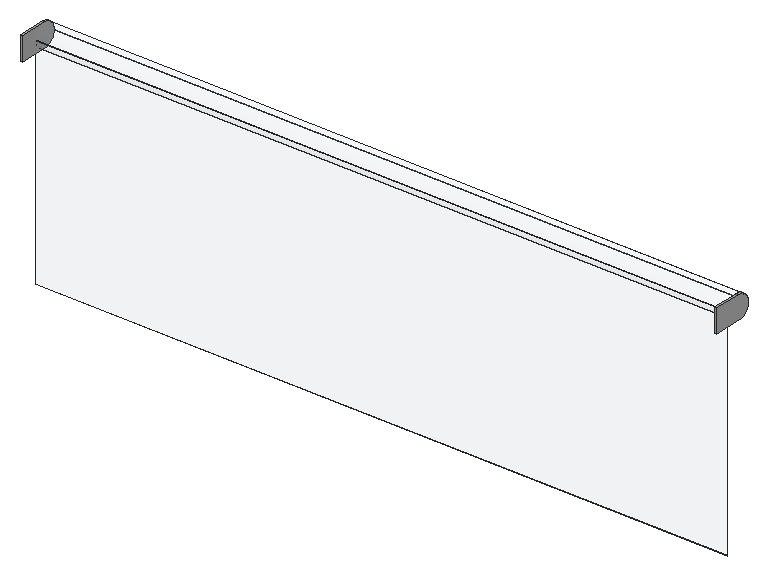
Revit family
Parameters (values of type "Type 1")
  uitrollengte [instance] = 500 mm
  straal rol = 25 mm
  rollengte [instance] = 1500 mm
  hoogte [instance] = 2000 mm
  gordijnstof = gordijnstof
  beugels = beugels
  afstand tot hart = straal rol * 2 + 10 mm  # 60 mm
  Assembly Code = ""
Reference planes
  plane 1 "Wall": y = 0
  plane 2 "Center (Left/Right)": x = 125
  plane 3 "Back": y = 75
  plane 4: z = 1500
  plane 5: z = 2000
  plane 6: y = 160
  plane 7: y = 135
  plane 8: z = 1975
  plane 9: x = -625
  plane 10: x = 875
  plane 11: y = 110
Forms (mm)
  Extrusion 1, solid, material "gordijnstof" <- "gordijnstof"
    sketch origin (125, 0, 0) x (0, 1, 0) y (0, 0, 1)
      loop
        circle (135, 1975) r 25
    from -750 to 750
  Extrusion 2, solid, material "gordijnstof" <- "gordijnstof"
    sketch origin (125, 0, 0) x (0, 1, 0) y (0, 0, 1)
      loop
        line (112, 1500) -> (112, 1975) -> (110, 1975) -> (110, 1500) -> (112, 1500)
    from -750 to 750
  Extrusion 3, solid, material "beugels" <- "beugels"
    sketch origin (-625, 693.237, 2500) x (0, 1, 0) y (0, 0, 1)
      loop
        line (-618.237, -500) -> (-618.237, -550) -> (-558.237, -550)
        arc (-558.237, -550) -> (-533.237, -525) -> (-558.237, -500) r 25
        line (-558.237, -500) -> (-618.237, -500)
    from -5 to 0
  Extrusion 4, solid, material "beugels" <- "beugels"
    sketch origin (875, 693.237, 2500) x (0, 1, 0) y (0, 0, 1)
      loop
        line (-618.237, -500) -> (-618.237, -550) -> (-558.237, -550)
        arc (-558.237, -550) -> (-533.237, -525) -> (-558.237, -500) r 25
        line (-558.237, -500) -> (-618.237, -500)
    from 0 to 5
Lines and regions (mm)
  model lines, style "InvisibleLines"
    curve 1: line (125, 220, 0) -> (125, -140, 0)
Text (mm)
  text "Placement Side" at (-1848.837, 1116.779, 0), in view "Ref. Level"
  text "Placement side" at (0, 1597.751, 900.407), in view "Left"
  text "Placement side" at (0, 499.811, 2980.732), in view "Right"
Dimensions and locks
  locked: plane 3 "Back" to host wall
  "straal rol": plane 6 to plane 7
  "afstand tot hart": plane 7 to host wall
  "straal rol": plane 5 to plane 8
  "straal rol": plane 7 to Extrusion 1 sketch curve
  "rollengte": plane 9 to plane 10
  equal spacing: plane 9, plane 2 "Center (Left/Right)", plane 10
  "straal rol": Extrusion 3 sketch curve to plane 8
  "straal rol": plane 8 to Extrusion 3 sketch curve
  locked: Extrusion 2 sketch curve to Extrusion 2 sketch curve at 2
  locked: Extrusion 3 to Extrusion 3 at 5
  locked: Extrusion 4 to Extrusion 4 at 5
  "straal rol": plane 7 to plane 11
  "uitrollengte": plane 5 to plane 4
  "hoogte": plane 5 to level
  aligned and locked: plane 1 "Wall" to host wall
  aligned and locked: Extrusion 1 to plane 9
  aligned and locked: plane 10 to Extrusion 1
  aligned and locked: Extrusion 2 to plane 9
  aligned and locked: plane 10 to Extrusion 2
  aligned and locked: plane 11 to Extrusion 2
  aligned: level to curve 1
Automatic sketch dimensions
  Extrusion 1 sketch curve to plane 7 = 0 mm
  Extrusion 1 sketch curve to plane 8 = 0 mm
  Extrusion 2 sketch curve to plane 4 = 0 mm
  Extrusion 2 sketch curve to plane 8 = 0 mm
  plane 6 to Extrusion 2 sketch curve = 48 mm
  Extrusion 3 sketch curve to host wall = 0 mm
  Extrusion 3 sketch curve to plane 7 = 0 mm
  Extrusion 4 sketch curve to host wall = 0 mm
  Extrusion 4 sketch curve to plane 7 = 0 mm
  Extrusion 4 sketch curve to plane 8 = 0 mm
  Extrusion 4 sketch curve to plane 5 = 0 mm
  curve 1 to level = 0 mm
  host wall to curve 1 = 65 mm
  curve 1 to plane 6 = 60 mm
